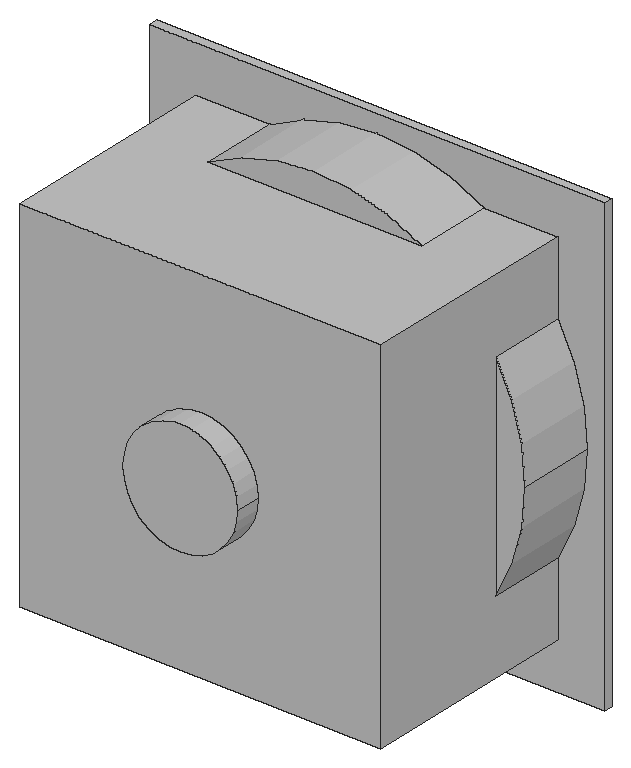
Revit family "ewf_ewg-40_80eta2_fta2_jta2_lta2-pr(-60)_60Hz", category 機械設備, Revit 2019
Family settings
  丸型コネクタ寸法 = 直径を使用
  パーツ タイプ = 標準
  OmniClass 番号 = 23.75.35.21.17
  OmniClass タイトル = Industrial Ventilating Equipment
  作業面ベース = いいえ
  常に垂直 = はい
  ロード時にボイドで切り取り = はい
  共有 = いいえ
  部屋計算ポイント = はい
Parameters (values of type "EWF-40ETA2-PR_200V")
  騒音レベル(dB(A)) [instance] = 49.5
  風量 [instance] = 設計風量  # 0.0 m³/h
  電源種別 [instance] = ""
  電圧 = 200 V
  電動機出力 = 400 W
  電動機_種別 [instance] = ""
  運転質量 = 0.00 kg
  連動 [instance] = ""
  質量 = if(製品質量 > 運転質量, 製品質量, 運転質量) * 1.2  # 17.16 kg
  負荷分類 = 3_ファン類
  説明 = "産業用有圧換気扇 防錆タイプ"
  設計風量 [instance] = 0.0 m³/h
  設置方法 = "壁付"
  記号 [instance] = ""
  製造元 = "三菱電機株式会社"
  製品質量 = 14.30 kg
  製品出荷対象 = "国内"
  製品リリース年月 = "2022年6月1日"
  製品グループ = ""
  羽根径 = "∅400"
  レグ_Depth = 262.4 mm
  系統 [instance] = ""
  符号 [instance] = if(☑給気／□排気, "FS", "FE")  # "FE"
  積算_科目 = ""
  積算_拾い区分 [instance] = ""
  相 = 3
  盤記号 [instance] = ""
  盤工事区分 = ""
  発停方法 [instance] = ""
  特殊仕様 [instance] = ""
  火災停止 [instance] = ""
  消費電力 = 340 W
  法定耐用年数 = "15"
  極数 = 3
  極 = 4
  材質 [instance] = ""
  操作・制御方式 = ""
  操作・制御スイッチ = ""
  排気量 [instance] = if(☑給気／□排気, 0.0 m³/h, 設計風量)  # 0.0 m³/h
  形式 = ""
  幹線記号 [instance] = ""
  対象室 [instance] = ""
  実風量 [instance] = 0.0 m³/h
  始動方式 [instance] = "直入"
  外気量 [instance] = if(☑給気／□排気, 設計風量, 0.0 m³/h)  # 0.0 m³/h
  呼称 = "有圧扇"
  周波数 = 60 Hz
  参照している仕様書等のバージョン = ""
  分類コード = "50052503100110"
  分類グループ = ""
  価格 = 193000
  企業コード = "108420"
  付属品_防振装置 = ""
  付属品 [instance] = ""
  仕様書バージョン = "Version1.0"
  レグ_Width = 413 mm
  レグ_Height = 413 mm
  モーター径 = 131 mm
  モデル = "EWF-40ETA2-PR"
  フレームの厚さ = 10 mm
  ファンの種類 = "軸流羽根"
  コメント [instance] = ""
  Keynote = ""
  オリフィス_Depth = 99 mm
  ☑給気／□排気 [instance] = no
  Width = 520 mm
  Version = ""
  Uniclass2015Version = "Systems v1.9"
  Uniclass2015Title = "Propeller fans"
  Uniclass2015Code = "Pr_65_67_29_67"
  URL = "https://www.mitsubishielectric.co.jp/ldg/wink/ssl/displayProduct.do?pid=319054"
  SpecificationReference = ""
  SpecificationDescription = ""
  Revision = ""
  ProductInformation = ""
  OmniClassCode = "23-33 31 19 11 17"
  MIN風量 = 0.0 m³/h
  MID風量 = 0.0 m³/h
  MAX風量 = 5520.0 m³/h
  IfcTypeProduct = ""
  IfcProduct = ""
  IfcExportType = "TUBEAXIAL"
  IfcExportAs = "IfcFanType"
  Height = 520 mm
  オリフィス径 = 480 mm
  Depth = 291 mm
  Author = "三菱電機株式会社"
Types (14, lengths in mm): name | 騒音レベル(dB(A)) | 電圧 | 電動機出力 | 質量 | 製品質量 | 羽根径 | レグ_Depth | 消費電力 | 極 | 価格 | レグ_Width | レグ_Height | モーター径 | モデル | フレームの厚さ | オリフィス_Depth | Width | URL | MAX風量 | Height | オリフィス径 | Depth
  EWF-40ETA2-PR_200V | 49.5 | 200 V | 400 W | 17.16 kg | 14.30 kg | "∅400" | 262.4 | 340 W | 4 | 193000 | 413 | 413 | 131 | "EWF-40ETA2-PR" | 10 | 99 | 520 | "https://www.mitsubishielectric.co.jp/ldg/wink/ssl/displayProduct.do?pid=319054" | 5520.0 m³/h | 520 | 480 | 291
  EWF-40ETA2-PR_220V | 50 | 220 V | 400 W | 17.16 kg | 14.30 kg | "∅400" | 262.4 | 350 W | 4 | 193000 | 413 | 413 | 131 | "EWF-40ETA2-PR" | 10 | 99 | 520 | "https://www.mitsubishielectric.co.jp/ldg/wink/ssl/displayProduct.do?pid=319054" | 5520.0 m³/h | 520 | 480 | 291
  EWF-50FTA2-PR_200V | 53.5 | 200 V | 750 W | 23.52 kg | 19.60 kg | "∅500" | 266.4 | 520 W | 4 | 241000 | 522 | 522 | 131 | "EWF-50FTA2-PR" | 10 | 84 | 620 | "https://www.mitsubishielectric.co.jp/ldg/wink/ssl/displayProduct.do?pid=319065" | 8280.0 m³/h | 620 | 590 | 295
  EWF-50FTA2-PR_220V | 53.5 | 220 V | 750 W | 23.52 kg | 19.60 kg | "∅500" | 266.4 | 549 W | 4 | 241000 | 522 | 522 | 131 | "EWF-50FTA2-PR" | 10 | 84 | 620 | "https://www.mitsubishielectric.co.jp/ldg/wink/ssl/displayProduct.do?pid=319065" | 8280.0 m³/h | 620 | 590 | 295
  EWG-50ETA2-PR_200V | 46.5 | 200 V | 400 W | 21.96 kg | 18.30 kg | "∅500" | 286.4 | 335 W | 6 | 224000 | 514 | 514 | 131 | "EWG-50ETA2-PR" | 10 | 84 | 620 | "https://www.mitsubishielectric.co.jp/ldg/wink/ssl/displayProduct.do?pid=318816" | 7140.0 m³/h | 620 | 590 | 315
  EWG-50ETA2-PR_220V | 46.5 | 220 V | 400 W | 21.96 kg | 18.30 kg | "∅500" | 286.4 | 351 W | 6 | 224000 | 514 | 514 | 131 | "EWG-50ETA2-PR" | 10 | 84 | 620 | "https://www.mitsubishielectric.co.jp/ldg/wink/ssl/displayProduct.do?pid=318816" | 7140.0 m³/h | 620 | 590 | 315
  EWG-60ETA2-PR_200V | 49.5 | 200 V | 400 W | 24.00 kg | 20.00 kg | "∅600" | 262.4 | 335 W | 6 | 249000 | 604 | 604 | 131 | "EWG-60ETA2-PR" | 10 | 119 | 710 | "https://www.mitsubishielectric.co.jp/ldg/wink/ssl/displayProduct.do?pid=318819" | 9210.0 m³/h | 710 | 703 | 291
  EWG-60ETA2-PR_220V | 49.5 | 220 V | 400 W | 24.00 kg | 20.00 kg | "∅600" | 262.4 | 345 W | 6 | 249000 | 604 | 604 | 131 | "EWG-60ETA2-PR" | 10 | 119 | 710 | "https://www.mitsubishielectric.co.jp/ldg/wink/ssl/displayProduct.do?pid=318819" | 9210.0 m³/h | 710 | 703 | 291
  EWG-60FTA2-PR_200V | 51 | 200 V | 750 W | 31.08 kg | 25.90 kg | "∅600" | 308.6 | 585 W | 6 | 296000 | 612 | 612 | 163 | "EWG-60FTA2-PR" | 10 | 119 | 710 | "https://www.mitsubishielectric.co.jp/ldg/wink/ssl/displayProduct.do?pid=318824" | 11160.0 m³/h | 710 | 703 | 347
  EWG-60FTA2-PR_220V | 51 | 220 V | 750 W | 31.08 kg | 25.90 kg | "∅600" | 308.6 | 611 W | 6 | 296000 | 612 | 612 | 163 | "EWG-60FTA2-PR" | 10 | 119 | 710 | "https://www.mitsubishielectric.co.jp/ldg/wink/ssl/displayProduct.do?pid=318824" | 11160.0 m³/h | 710 | 703 | 347
  EWG-70JTA2-PR-60_200V | 64.5 | 200 V | 3700 W | 66.00 kg | 55.00 kg | "∅700" | 325 | 1980 W | 6 | 688000 | 714 | 714 | 289 | "EWG-70JTA2-PR-60" | 35 | 90 | 860 | "https://www.mitsubishielectric.co.jp/ldg/wink/ssl/displayProduct.do?pid=318977" | 23300.0 m³/h | 860 | 846 | 406
  EWG-70JTA2-PR-60_220V | 65 | 220 V | 3700 W | 66.00 kg | 55.00 kg | "∅700" | 325 | 2070 W | 6 | 688000 | 714 | 714 | 289 | "EWG-70JTA2-PR-60" | 35 | 90 | 860 | "https://www.mitsubishielectric.co.jp/ldg/wink/ssl/displayProduct.do?pid=318977" | 23300.0 m³/h | 860 | 846 | 406
  EWG-80LTA2-PR-60_200V | 69 | 200 V | 7500 W | 87.60 kg | 73.00 kg | "∅800" | 353 | 3390 W | 6 | 953000 | 782 | 782 | 289 | "EWG-80LTA2-PR-60" | 35 | 96 | 950 | "https://www.mitsubishielectric.co.jp/ldg/wink/ssl/displayProduct.do?pid=318983" | 32200.0 m³/h | 950 | 938 | 450
  EWG-80LTA2-PR-60_220V | 70 | 220 V | 7500 W | 87.60 kg | 73.00 kg | "∅800" | 353 | 3450 W | 6 | 953000 | 782 | 782 | 289 | "EWG-80LTA2-PR-60" | 35 | 96 | 950 | "https://www.mitsubishielectric.co.jp/ldg/wink/ssl/displayProduct.do?pid=318983" | 32200.0 m³/h | 950 | 938 | 450
Reference planes
  plane 1 "中心(正面/背面)": y = 0
  plane 2: z = 0
  plane 3 "中心(左/右)": x = 0
  plane 4: z = 0
  plane 5: through (212.832, -1524, 243.759) normal (-0.6508, 0, -0.7593)
  plane 6: through (-212.884, -1524, -243.751) normal (0.6508, 0, 0.7593)
  plane 7: through (208.307, -1524, -247.63) normal (-0.6508, 0, 0.7593)
  plane 8: z = 260
  plane 9: z = -260
  plane 10 "左": x = -260
  plane 11 "右": x = 260
  plane 12 "正面": y = -291
  plane 13: y = -10
  plane 14: through (-208.307, -1524, -247.63) normal (-0.6508, 0, -0.7593)
  plane 15: y = -41
  plane 16: y = 59
  plane 17: x = -250
  plane 18: x = 250
  plane 19: y = -99
  plane 20: y = -262.4
  plane 21: x = -206.5
  plane 22: x = 206.5
  plane 23: z = 206.5
  plane 24: z = -206.5
Forms (mm)
  Extrusion 1, solid, detail levels fine
    sketch origin (0, 0, 0) x (1, 0, 0) y (0, 1, 0)
      loop
        line (-260, 0) -> (-260, -10) -> (260, -10) -> (260, 0) -> (-260, 0)
    from -260 to 260
  Extrusion 2, solid, detail levels fine
    sketch origin (140, -23.659, 0) x (-1, 0, 0) y (0, 0, -1)
      loop
        circle (140, 0) r 65.5
    from 238.741 to 267.341
  Extrusion 3, solid
    sketch origin (0, -153.783, 0) x (1, 0, 0) y (0, 0, 1)
      loop
        circle (0, 0) r 240
    from -143.783 to -54.783
  Extrusion 4, solid
    sketch origin (0, 0, 0) x (1, 0, 0) y (0, 0, 1)
      loop
        line (-206.5, 206.5) -> (-206.5, -206.5) -> (206.5, -206.5) -> (206.5, 206.5) -> (-206.5, 206.5)
    from 10 to 262.4
Cuts and joins
  joined: Extrusion 3, Extrusion 4
Lines and regions (mm)
  Masking region 1, detail levels coarse+medium
    outline origin (0, 0, 0) x (1, 0, 0) y (0, 1, 0)
      loop
        line (-250, -291) -> (250, -291) -> (250, -41) -> (-250, -41) -> (-250, -291)
  Masking region 2, detail levels coarse+medium
    outline origin (0, 0, 0) x (1, 0, 0) y (0, 1, 0)
      loop
        line (-224, -41) -> (224, -41) -> (224, 59) -> (-224, 59) -> (-224, -41)
  symbolic lines, detail levels coarse+medium
    curve 1: circle (224, -278.4, 0) r 115 normal (0, 0, 1)
    curve 2: circle (-224, -278.4, 0) r 115 normal (0, 0, -1)
Dimensions and locks
  level to plane 4 = 0 mm
  equal spacing: plane 8, level, plane 9
  "Depth": plane 12 "正面" to plane 1 "中心(正面/背面)"  (x2)
  "Width": plane 10 "左" to plane 11 "右"
  "Height": plane 8 to plane 9
  "フレームの厚さ": plane 13 to plane 1 "中心(正面/背面)"
  plane 12 "正面" to plane 15 to plane 16 = 250 mm locked, 100 mm locked
  locked: plane 17 to plane 18 at 500
  "オリフィス_Depth": plane 1 "中心(正面/背面)" to plane 19
  "レグ_Depth": plane 1 "中心(正面/背面)" to plane 20
  equal spacing: plane 10 "左", plane 3 "中心(左/右)", plane 11 "右"
  equal spacing: plane 22, plane 3 "中心(左/右)", plane 21
  "レグ_Width": plane 22 to plane 21
  equal spacing: plane 23, level, plane 24
  "レグ_Height": plane 23 to plane 24
  "オリフィス径": diameter of Extrusion 3 sketch curve
  "モーター径": diameter of Extrusion 2 sketch curve
  aligned and locked: level to plane 2
  aligned and locked: Extrusion 1 to plane 8
  aligned and locked: plane 10 "左" to Extrusion 1
  aligned and locked: Extrusion 1 to plane 11 "右"
  aligned and locked: plane 9 to Extrusion 1
  aligned and locked: Extrusion 1 to plane 13
  aligned and locked: Extrusion 1 to plane 1 "中心(正面/背面)"  (x5)
  aligned and locked: plane 12 "正面" to Extrusion 2
  aligned and locked: plane 1 "中心(正面/背面)" to Extrusion 1  (x2)
  aligned and locked: plane 4 to Extrusion 2 sketch curve
  aligned and locked: plane 12 "正面" to Masking region 1 sketch curve
  aligned and locked: plane 17 to Masking region 1 sketch curve
  aligned and locked: plane 15 to Masking region 1 sketch curve
  aligned and locked: plane 18 to Masking region 1 sketch curve
  aligned and locked: Masking region 2 sketch curve to plane 15
  aligned and locked: plane 16 to Masking region 2 sketch curve
  aligned and locked: Extrusion 3 to Extrusion 1
  aligned and locked: Extrusion 3 to plane 19
  aligned and locked: plane 20 to Extrusion 2
  aligned and locked: Extrusion 4 to Extrusion 2
  aligned and locked: Extrusion 4 to Extrusion 1
  aligned and locked: Extrusion 4 to plane 21
  aligned and locked: plane 23 to Extrusion 4
  aligned and locked: plane 22 to Extrusion 4
  aligned and locked: Extrusion 4 to plane 24
Automatic sketch dimensions
  Extrusion 1 sketch curve to plane 10 "左" = 0 mm
  Extrusion 1 sketch curve to plane 11 "右" = 0 mm
  Extrusion 1 sketch curve to plane 13 = 0 mm
  plane 1 "中心(正面/背面)" to Extrusion 1 sketch curve = 0 mm
  Extrusion 3 sketch curve to level = 0 mm
  Extrusion 3 sketch curve to plane 3 "中心(左/右)" = 0 mm
  curve 2 to plane 20 = 16 mm
  curve 1 to plane 20 = 16 mm
  curve 2 to plane 10 "左" = 36 mm
  Masking region 2 sketch curve to plane 10 "左" = 36 mm
  plane 11 "右" to curve 1 = 36 mm
  plane 11 "右" to Masking region 2 sketch curve = 36 mm
  Extrusion 2 sketch curve to plane 3 "中心(左/右)" = 0 mm
  Extrusion 4 sketch curve to plane 21 = 0 mm
  plane 22 to Extrusion 4 sketch curve = 0 mm
  Extrusion 4 sketch curve to plane 24 = 0 mm
  plane 23 to Extrusion 4 sketch curve = 0 mm
  radius of curve 1 = 115 mm
  radius of curve 2 = 115 mm
Connectors
  electrical at (260, -5, 0), driven by "電圧", driven by "負荷分類", driven by "消費電力", driven by "極数"
    settings: on Extrusion 1, index 2, voltage 200 V, apparent load 340 VA, apparent load phase1 0 VA, apparent load phase2 0 VA, apparent load phase3 0 VA, power factor 1, load classification "3_ファン類", number of poles 3, system type 30, power factor state 1, is connector primary yes, connector utility no, sub classification motor no, connector description ""
